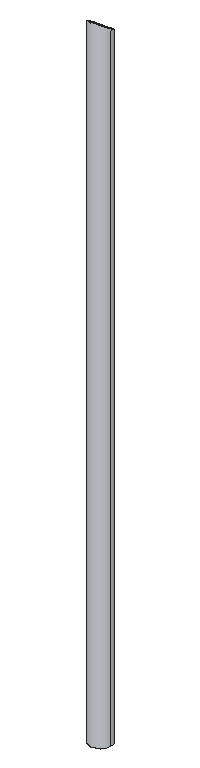
Revit family "Baluster - Round4", category Balusters, Revit 2025
Family settings
  Always vertical = Yes
  Cut with Voids When Loaded = No
  Shared = No
Parameters (values of type "1"")
  built-in parameter 1008625 [instance] = (empty or 0)
  Post = no
  built-in parameter 1008624 [instance] = 0.00°
  Baluster Material = none
  built-in parameter 1008622 [instance] = 2' - 6"
  Diameter = 0' - 1"
  built-in parameter 1008623 [instance] = 32.47°
Reference planes (in)
  plane 1 "Center (Front/Back)": y = 0
  plane 2: z = 0
  plane 3 "Center (Left/Right)": x = 0
  plane 4 "Top": z = 30
  plane 5 "Top Cut Angle": through (0, 13.58797, 21.35351) normal (0, -0.5369, -0.8437)
  plane 6: z = 39
  plane 7: x = -0.5
  plane 8: x = 0.5
  plane 9 "Bottom Cut Angle": z = 0
  plane 10: z = -9
  plane 11: x = -1
  plane 12: x = 1
  plane 13: y = 1
  plane 14: y = -1
Forms (in)
  Extrusion 1, solid, material <- "Baluster Material"
    sketch origin (0, 0, 0) x (1, 0, 0) y (0, 1, 0)
      loop
        circle (0, 0) r 0.5
    from -9 to 39
  Extrusion 2, void
    sketch origin (0, 0, 0) x (0, 1, 0) y (0, 0, 1)
      loop
        line (-1, 39) -> (-1, 30.63633) -> (1, 29.36367) -> (1, 39) -> (-1, 39)
      loop
        line (1, -9) -> (1, 0) -> (-1, 0) -> (-1, -9) -> (1, -9)
    from -1 to 1
Cuts and joins
  Extrusion 2 cuts Extrusion 1
Dimensions and locks (in)
  "built-in parameter 1008622": plane 2 to plane 4 "Top"
  locked: plane 4 "Top" to plane 6 at 9
  equal spacing: plane 7, plane 3 "Center (Left/Right)", plane 8
  "Diameter": plane 7 to plane 8
  locked: level to plane 10 at 9
  "Diameter": plane 11 to plane 3 "Center (Left/Right)"
  "Diameter": plane 3 "Center (Left/Right)" to plane 12
  "Diameter": plane 1 "Center (Front/Back)" to plane 13
  "Diameter": plane 14 to plane 1 "Center (Front/Back)"
  "built-in parameter 1008623": angle plane 4 "Top" to plane 5 "Top Cut Angle"
  "built-in parameter 1008624": angle level to plane 9 "Bottom Cut Angle"
  aligned and locked: Extrusion 1 to plane 6
  aligned and locked: plane 11 to Extrusion 2
  aligned and locked: Extrusion 2 to plane 12
  aligned and locked: plane 6 to Extrusion 2 sketch curve
  aligned and locked: Extrusion 2 sketch curve to plane 13  (x2)
  aligned and locked: Extrusion 2 sketch curve to plane 14  (x2)
  aligned and locked: Extrusion 2 sketch curve to plane 10
  aligned and locked: Extrusion 2 sketch curve to plane 9 "Bottom Cut Angle"
  aligned and locked: Extrusion 2 to Extrusion 1
Automatic sketch dimensions
  Extrusion 1 sketch curve to plane 7 = 0' - 0"
  Extrusion 1 sketch curve to plane 1 "Center (Front/Back)" = 0' - 0"
  Extrusion 1 sketch curve to plane 3 "Center (Left/Right)" = 0' - 0"
  Extrusion 2 sketch curve to plane 5 "Top Cut Angle" = 0' - 0"  (x2)
